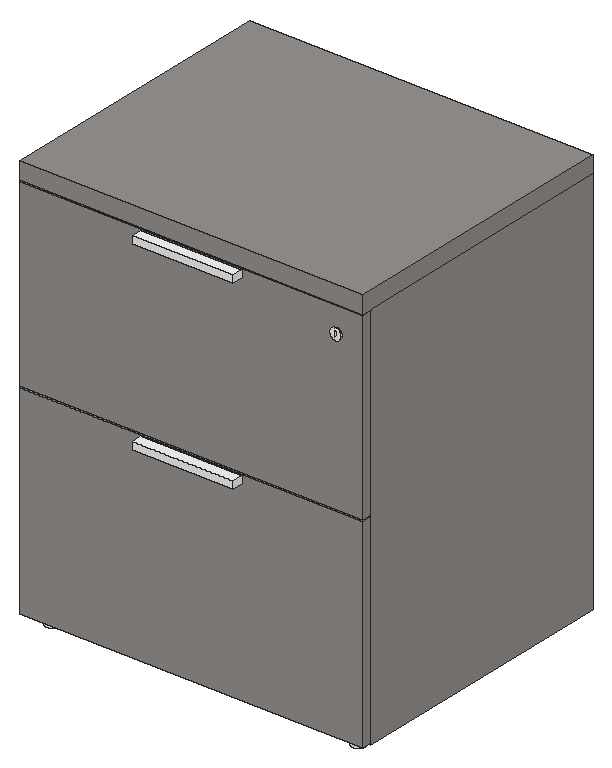
Revit family "Storage-Freestanding-Teknion-BSLFT_Lateral_File_With_Integral_Worksurface-R2018", category Furniture, Revit 2018
Family settings
  OmniClass Number = 23.40.70.14.64.21
  OmniClass Title = Systems Furniture
  Work Plane-Based = No
  Always vertical = Yes
  Cut with Voids When Loaded = No
  Shared = Yes
  Room Calculation Point = No
Parameters (values of type "All Laminate")
  Worksurface Thickness Option [instance] = "Please select one of the following"  # constant formula
  Worksurface Finish = Source Laminate - Teknion - DE - Latte
  Width [instance] = 24.000"
  Warranty = "http://www.teknion.com/legal/warranty.pdf"
  W Finish Configuration = no
  Unit Weight URL = "http://www.teknion.com/pricing/expansion-casegoods/pdfs/wv.pdf"
  URL = "http://www.teknion.com/"
  U Finish Configuration = no
  To render please download texture images found here [instance] = "https://assets.teknion.com/web/5e81352c1dfdb467/revit-material-swatches/"
  T Finish Configuration = no
  Material Note = if(L Finish Configuration, "Case Finish, Drawer Front Finish, and Worksurface Finish must be a Foundation Laminate material.", if(T Finish Configuration, "Case Finish and Drawer Front Finish must be Foundation Laminate Material. Worksurface Finish must be a Flintwood material.", if(U Finish Configuration, "Case Finish must be a Foundation Laminate material. Worksurface Finish and Drawer Front Finish must be a Flintwood material", "Case Finish, Drawer Front Finish, and Worksurface Finish must be a Flintwood material.")))  # "Case Finish, Drawer Front Finish, and Worksurface Finish must be a Foundation Laminate material."
  Available Width [instance] = "24, 30, or 36 Inches"  # constant formula
  Available Depth [instance] = "20 or 24 Inches"  # constant formula
  L Finish Configuration = yes
  Actual Width [instance] = if(Width = 24.000", 23.880", if(Width = 30.000", 29.850", 35.820"))  # 23.880"
  Actual Height [instance] = if([1 3/16" Worksurface Thickness], 28.996", 29.632")  # 28.996"
  1 3/16" Worksurface Thickness [instance] = yes
  Sustainability Data = "http://www.teknion.com/about-teknion/environment/datasheets.asp"
  Series = "Expansion Casegoods"  # constant formula
  Pull Finish = Mica - Teknion - V - Satin - Very White
  Product Page URL = "https://www.teknion.com/ca/products/product-details?productlineid=0053336e-8e7a-673b-a6c8-ff00004460c4"
  Product Line = "Expansion Casegoods"  # constant formula
  Product Documentation Link = "http://www.teknion.com/pricing/expansion-casegoods/pdfs/BSLFT_ppg.pdf"
  Part Number = "BSLFT"  # constant formula
  Model = "BSLFT_L__29"
  Manufacturer Phone = "416-661-3370"
  Manufacturer Fax = "416.661.4586"
  Manufacturer Contact Information = "http://www.teknion.com/contact/contactus.asp"
  Manufacturer Address = "1150 Flint Road, Toronto, ON. M3J 2J5. Canada"
  Manufacturer = "Teknion"  # constant formula
  How to Add Texture Images to your Revit Project [instance] = "https://assets.teknion.com/m/205dd0a49fa58060/original/How-to-add-a-Material-Library-and-Texture-Images-to-your-Revit-project.pdf"
  1 9/16" Worksurface Thickness [instance] = not([1 3/16" Worksurface Thickness])  # no
  For Additional Finishes please visit [instance] = "https://assets.teknion.com/m/44a8009b046e5d47/original/Teknion_Materials_Library.zip"
  Drawer Front Finish = Source Laminate - Teknion - DE - Latte
  Description = "Lateral File with Integral Worksurface, All Laminate Finish, 29\" Height"
  Depth [instance] = 20.000"
  Case Finish = Source Laminate - Teknion - DE - Latte
  Assembly Code = "E2020200"
Types (4): name | Worksurface Finish | W Finish Configuration | U Finish Configuration | T Finish Configuration | Material Note | L Finish Configuration | Model | Drawer Front Finish | Description | Case Finish
  All Laminate | Source Laminate - Teknion - DE - Latte | no | no | no | "Case Finish, Drawer Front Finish, and Worksurface Finish must be a Foundation Laminate material." | yes | "BSLFT_L__29" | Source Laminate - Teknion - DE - Latte | "Lateral File with Integral Worksurface, All Laminate Finish, 29\" Height" | Source Laminate - Teknion - DE - Latte
  Wood Top, Laminate Front & Case | Veneer-Teknion-5U-Flintwood-Raw_Umber (Long Grain) | no | no | yes | "Case Finish and Drawer Front Finish must be Foundation Laminate Material. Worksurface Finish must be a Flintwood material." | no | "BSLFT_T__29" | Source Laminate - Teknion - DE - Latte | "Lateral File with Integral Worksurface, Wood Top; Laminate Front & Case, 29\" Height" | Source Laminate - Teknion - DE - Latte
  Wood Top & Front, Laminate Case | Veneer-Teknion-5U-Flintwood-Raw_Umber (Long Grain) | no | yes | no | "Case Finish must be a Foundation Laminate material. Worksurface Finish and Drawer Front Finish must be a Flintwood material" | no | "BSLFT_U__29" | Veneer-Teknion-5U-Flintwood-Raw_Umber (Long Grain) | "Lateral File with Integral Worksurface, Wood Top & Front; Laminate Case, 29\" Height" | Source Laminate - Teknion - DE - Latte
  All Wood | Veneer-Teknion-5U-Flintwood-Raw_Umber (Long Grain) | yes | no | no | "Case Finish, Drawer Front Finish, and Worksurface Finish must be a Flintwood material." | no | "BSLFT_W__29" | Veneer-Teknion-5U-Flintwood-Raw_Umber (Long Grain) | "Lateral File with Integral Worksurface, All Wood, 29\" Height" | Veneer-Teknion-5U-Flintwood-Raw_Umber (Long Grain)
Reference planes (in)
  plane 1 "Center F/B": y = 0
  plane 2 "Bottom": z = 0
  plane 3 "Center L/R": x = 0
  plane 4 "Left": x = -11.94
  plane 5 "Right": x = 11.94
  plane 6 "Back": y = 10
  plane 7 "Front": y = -10
  plane 8 "Top": z = 27.80709
  plane 9: z = 0.60236
  plane 10 "Symbolic Representation Plane": z = 28.996
  plane 11: y = -9.299
  plane 12: y = -10.05906
Forms (in)
  Sweep 1, solid, material "Source Laminate - Teknion - DE - Latte" <- "Case Finish"
    path origin (0, 0, 0) x (1, 0, 0) y (0, 0, 1)
      loop
        line (0, 27.80709) -> (0, 0.60236)
    profile origin (0, 0, 14.20472) x (0, -1, 0) y (1, 0, 0)
      loop
        line (-10, -11.94) -> (9.299, -11.94) -> (9.299, 11.94) -> (-10, 11.94) -> (-10, -11.94)
  Sweep 2, solid, material "Source Laminate - Teknion - DE - Latte" <- "Drawer Front Finish"
    path origin (0, 0, 0) x (1, 0, 0) y (0, 1, 0)
      loop
        line (11.94, 0) -> (-11.94, 0)
    profile origin (0, 0, 0) x (0, -1, 0) y (0, 0, 1)
      loop
        line (10, 0.72047) -> (10, 14.84252) -> (9.299, 14.84252) -> (9.299, 0.72047) -> (10, 0.72047)
      loop
        line (10, 27.68892) -> (9.299, 27.68892) -> (9.299, 14.96063) -> (10, 14.96063) -> (10, 27.68892)
  Sweep 3, solid, material "Metal - Teknion - C6 - Chrome"
    path origin (0, 0, 0) x (1, 0, 0) y (0, 0, 1)
      loop
        line (0, 0) -> (0, 0.60236)
    profile origin (0, 0, 0.30118) x (-1, 0, 0) y (0, -1, 0)
      loop
        circle (-10.68, -8.74814) r 0.5
      loop
        circle (-10.68, 8.74808) r 0.5
      loop
        circle (10.68, -8.74814) r 0.5
      loop
        circle (10.68, 8.74808) r 0.5
  Sweep 4, solid, material "Mica - Teknion - V - Satin - Very White" <- "Pull Finish"
    path origin (0, 0, 0) x (1, 0, 0) y (0, 1, 0)
      loop
        line (0, -10) -> (0, -10.75)
    profile origin (0, -10.375, 0) x (1, 0, 0) y (0, 0, 1)
      loop
        line (-3.5, 14.78395) -> (-3.5, 14.28346) -> (3.5, 14.28346) -> (3.5, 14.78395) -> (-3.5, 14.78395)
      loop
        line (-3.5, 27.62809) -> (-3.5, 27.12992) -> (3.5, 27.12992) -> (3.5, 27.62809) -> (-3.5, 27.62809)
  Extrusion 5, solid, material "Mica - Teknion - V - Satin - Very White" <- "Pull Finish"
    sketch origin (60, -10, 60.48) x (1, 0, 0) y (0, 0, 1)
      loop
        line (-49.95961, -34.33672) -> (-49.95961, -34.71074) -> (-49.86118, -34.71074) -> (-49.86118, -34.33672) -> (-49.95961, -34.33672)
      loop
        circle (-49.91039, -34.52373) r 0.39512
    from 0 to 0.05906
  Sweep 6, solid, material "Source Laminate - Teknion - DE - Latte" <- "Worksurface Finish"
    path origin (0, 0, 0) x (1, 0, 0) y (0, 0, 1)
      loop
        line (0, 27.80709) -> (0, 28.996)
    profile origin (0, 0, 28.40154) x (-1, 0, 0) y (0, -1, 0)
      loop
        line (11.94, -10) -> (11.94, 10) -> (-11.94, 10) -> (-11.94, -10) -> (11.94, -10)
Lines and regions (in)
  Masking region 1
    outline origin (0, 0, 27.80709) x (-1, 0, 0) y (0, -1, 0)
      loop
        line (11.94, -10) -> (11.94, 10) -> (-11.94, 10) -> (-11.94, -10) -> (11.94, -10)
  Masking region 2
    outline origin (0, 0, 27.80709) x (-1, 0, 0) y (0, -1, 0)
      loop
        line (3.5, 10.75) -> (-3.5, 10.75) -> (-3.5, 10) -> (3.5, 10) -> (3.5, 10.75)
  Masking region 3
    outline origin (0, 0, 0) x (1, 0, 0) y (0, 1, 0)
      loop
        line (10.48473, -10) -> (9.69448, -10) -> (9.69448, -10.05906) -> (10.48473, -10.05906) -> (10.48473, -10)
  symbolic lines, style "FurnitureHiddenLines", detail levels medium+fine
    curve 1: line (11.94, -9.299, 27.80709) -> (-11.94, -9.299, 27.80709)
  symbolic lines, style "Hidden Lines", detail levels fine
    curve 2: arc (-10.18, -8.74808, 0) -> (-10.68, -8.24808, 0) -> (-11.18, -8.74808, 0) r 0.5
    curve 3: arc (-11.18, -8.74808, 0) -> (-10.68, -9.24808, 0) -> (-10.18, -8.74808, 0) r 0.5
    curve 4: arc (-10.18, 8.74814, 0) -> (-10.68, 9.24814, 0) -> (-11.18, 8.74814, 0) r 0.5
    curve 5: arc (-11.18, 8.74814, 0) -> (-10.68, 8.24814, 0) -> (-10.18, 8.74814, 0) r 0.5
    curve 6: arc (11.18, 8.74814, 0) -> (10.68, 9.24814, 0) -> (10.18, 8.74814, 0) r 0.5
    curve 7: arc (10.18, 8.74814, 0) -> (10.68, 8.24814, 0) -> (11.18, 8.74814, 0) r 0.5
    curve 8: arc (11.18, -8.74808, 0) -> (10.68, -8.24808, 0) -> (10.18, -8.74808, 0) r 0.5
    curve 9: arc (10.18, -8.74808, 0) -> (10.68, -9.24808, 0) -> (11.18, -8.74808, 0) r 0.5
  reference lines, not visible
    curve 10: line (-11.94, 10, 0) -> (11.94, 10, 0)
    curve 11: line (-11.94, 10, 0) -> (-11.94, -10, 0)
    curve 12: line (11.94, -10, 0) -> (-11.94, -10, 0)
    curve 13: line (11.94, 10, 0) -> (11.94, -10, 0)
Dimensions and locks (in)
  locked: plane 8 "Top" to level at 27.80709
  equal spacing: plane 4 "Left", plane 3 "Center L/R", plane 5 "Right"
  "Actual Width": plane 4 "Left" to plane 5 "Right"
  equal spacing: plane 6 "Back", plane 1 "Center F/B", plane 7 "Front"
  "Depth": plane 6 "Back" to plane 7 "Front"
  locked: Sweep 1 sketch curve to plane 7 "Front" at 0.701
  Sweep 2 sketch curve to Sweep 2 sketch curve to Sweep 2 sketch curve to Sweep 2 sketch curve to level = 12.72829" locked, 0.11811" locked, 14.12205" locked, 0.72047" locked
  locked: plane 6 "Back" to Sweep 3 sketch curve at 1.25186  (x2)
  locked: Sweep 3 sketch curve to plane 5 "Right" at 1.26  (x2)
  locked: plane 4 "Left" to Sweep 3 sketch curve at 1.26  (x2)
  locked: plane 7 "Front" to Sweep 3 sketch curve at 1.25192  (x2)
  Sweep 4 sketch curve to plane 7 "Front" = 0.750"
  "Actual Height": plane 10 "Symbolic Representation Plane" to level
  locked: plane 11 to plane 7 "Front" at 0.701
  locked: plane 12 to plane 7 "Front" at 0.05906
  plane 5 "Right" to Extrusion 5 sketch curve to Extrusion 5 sketch curve to Extrusion 5 sketch curve = 1.80118" locked, 0.04921" locked, 0.04921" locked
  Extrusion 5 sketch curve to Extrusion 5 sketch curve to Extrusion 5 sketch curve to plane 8 "Top" = 0.18701" locked, 0.18701" locked, 1.66381" locked
  Masking region 3 sketch curve to Masking region 3 sketch curve to plane 5 "Right" = 0.79025" locked, 1.45527" locked
  locked: plane 9 to plane 2 "Bottom" at 0.60236
  Sweep 4 sketch curve to Sweep 4 sketch curve to plane 3 "Center L/R" to Sweep 4 sketch curve to Sweep 4 sketch curve = 0.000" locked, 3.500" locked, 3.500" locked, 0.000" locked
  Sweep 4 sketch curve to Sweep 4 sketch curve to Sweep 4 sketch curve to Sweep 4 sketch curve to level = 0.49817" locked, 12.34597" locked, 0.50049" locked, 14.28346" locked
  Masking region 2 sketch curve to plane 3 "Center L/R" to Masking region 2 sketch curve = 3.500" locked, 3.500" locked
  Masking region 2 sketch curve to plane 7 "Front" to Masking region 2 sketch curve = 0.750" locked, 0.000" locked
  aligned and locked: level to plane 2 "Bottom"
  aligned and locked: plane 8 "Top" to Sweep 1 sketch curve
  aligned and locked: plane 9 to Sweep 1 sketch curve
  aligned and locked: Sweep 1 sketch curve to plane 3 "Center L/R"
  aligned and locked: plane 6 "Back" to Sweep 1 sketch curve
  aligned and locked: Sweep 1 sketch curve to plane 4 "Left"
  aligned and locked: Sweep 1 sketch curve to plane 5 "Right"
  aligned and locked: Sweep 2 sketch curve to plane 1 "Center F/B"
  aligned and locked: Sweep 2 sketch curve to plane 7 "Front"  (x2)
  aligned and locked: level to Sweep 3 sketch curve
  aligned and locked: Sweep 3 sketch curve to Sweep 1
  aligned and locked: plane 3 "Center L/R" to Sweep 3 sketch curve
  aligned and locked: Sweep 4 sketch curve to plane 3 "Center L/R"
  aligned and locked: Masking region 1 sketch curve to Sweep 1  (x2)
  aligned and locked: Masking region 1 sketch curve to Sweep 2
  aligned and locked: curve 1 to Sweep 2
  aligned and locked: curve 1 to plane 5 "Right"
  aligned and locked: curve 1 to plane 4 "Left"
  aligned and locked: plane 4 "Left" to Sweep 2 sketch curve
  aligned and locked: plane 5 "Right" to Sweep 2 sketch curve
  aligned and locked: curve 2 to Sweep 3
  aligned and locked: curve 3 to Sweep 3
  aligned and locked: curve 4 to Sweep 3
  aligned and locked: curve 5 to Sweep 3
  aligned and locked: curve 6 to Sweep 3
  aligned and locked: curve 7 to Sweep 3
  aligned and locked: curve 8 to Sweep 3
  aligned and locked: curve 9 to Sweep 3
  aligned and locked: plane 12 to Extrusion 5
  aligned and locked: Extrusion 5 to plane 7 "Front"
  aligned and locked: curve 10 to plane 6 "Back"
  aligned and locked: curve 11 to plane 4 "Left"
  aligned and locked: curve 12 to plane 7 "Front"
  aligned and locked: curve 13 to plane 5 "Right"
  aligned and locked: Masking region 3 sketch curve to Extrusion 5  (x2)
  aligned and locked: plane 7 "Front" to Sweep 4 sketch curve
  aligned and locked: Sweep 2 sketch curve to plane 11
  aligned and locked: plane 11 to Sweep 2 sketch curve
  aligned and locked: plane 10 "Symbolic Representation Plane" to Sweep 6 sketch curve
  aligned and locked: plane 3 "Center L/R" to Sweep 6 sketch curve
  aligned and locked: plane 8 "Top" to Sweep 6 sketch curve
  aligned and locked: Sweep 6 sketch curve to plane 5 "Right"
  aligned and locked: Sweep 6 sketch curve to plane 6 "Back"
  aligned and locked: Sweep 6 sketch curve to plane 4 "Left"
  aligned and locked: Sweep 6 sketch curve to plane 7 "Front"
  aligned and locked: Masking region 1 sketch curve to plane 7 "Front"
Automatic sketch dimensions
  radius of Sweep 3 sketch curve = 0.500"  (x4)
  radius of Extrusion 5 sketch curve = 0.39512"
